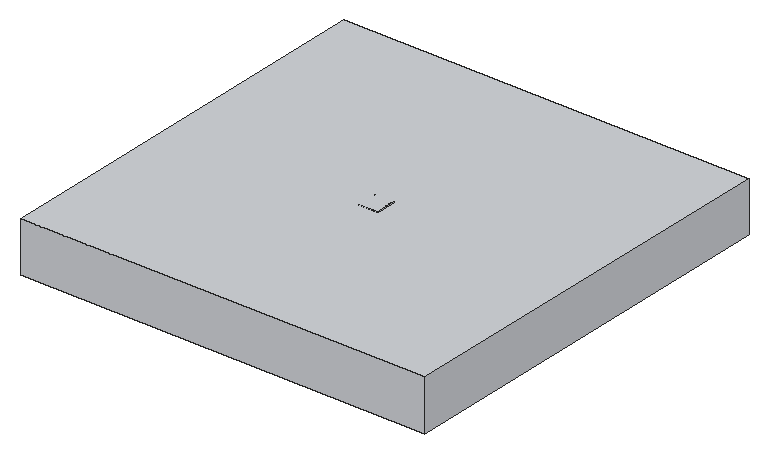
Revit family "M_Tomada quádrupla", category Iluminação elétrica, Revit 2019
Family settings
  Hospedeiro = Face
  Manter orientação da anotação = Sim
  Cota do conector redondo = Utilizar diâmetro
  Tipo de parte = Normal
  Número OmniClass = 23.80.50.11.17
  Título OmniClass = Ground Fault Receptacles
  ID de item do Seek = Quadruplex Receptacle-0000-CAN-ENU
  Corte com vazios quando carregada = Não
  Compartilhado = Não
  Ponto de cálculo do ambiente = Não
Parameters (values of type "Simples")
  Voltagem do interruptor = 120 V
  Número de pólos do interruptor = 1
  Material da tomada = none
  Classificação de carga = Receptáculo
  Legenda = ""
  Elevação-padrão = 1200 mm
  Carga aparente = 360 VA
Types (3, lengths in mm): name | Legenda
  (no name) | ""
  GFCI | "GFCI"
  Simples | ""
Reference planes
  plane 1 "Centro (Frente/Trás)": y = 0
  plane 2: z = 0
  plane 3 "Centro (Esquerda/Direita)": x = 0
  plane 4: x = -57.15
  plane 5: x = 57.15
  plane 6: y = -120.65
  plane 7: y = -9.525
  plane 8: y = -111.125
  plane 9: x = -44.45
  plane 10: x = 44.45
  plane 11: z = -4.763
  plane 12: z = -68.263
  plane 13: z = -36.513
Forms (mm)
  Extrusion 1, solid
    sketch origin (0, 0, 0) x (1, 0, 0) y (0, 1, 0)
      loop
        line (-1219.2, 1219.2) -> (-1219.2, -1219.2) -> (1219.2, -1219.2) -> (1219.2, 1219.2) -> (-1219.2, 1219.2)
    from 0 to -304.8
  Extrusion 2, solid, material <- "Material da tomada"
    sketch origin (0, 0, 0) x (1, 0, 0) y (0, 1, 0)
      loop
        line (-57.15, 0) -> (-57.15, -120.65) -> (57.15, -120.65) -> (57.15, 0) -> (-57.15, 0)
    from -4.763 to 0
  Extrusion 3, solid, material <- "Material da tomada"
    sketch origin (0, 0, 0) x (1, 0, 0) y (0, 1, 0)
      loop
        line (-44.45, -9.525) -> (-44.45, -111.125) -> (44.45, -111.125) -> (44.45, -9.525) -> (-44.45, -9.525)
    from -68.263 to -4.763
Lines and regions (mm)
  symbolic lines, detail levels fine
    curve 1: line (57.15, 0, 0) -> (-57.15, 0, 0)
    curve 2: line (57.15, 0, -4.763) -> (57.15, 0, 0)
    curve 3: line (-57.15, 0, -4.763) -> (57.15, 0, -4.763)
    curve 4: line (-57.15, 0, 0) -> (-57.15, 0, -4.763)
    curve 5: line (44.45, 0, -68.263) -> (-44.45, 0, -68.263)
    curve 6: line (44.45, 0, -4.763) -> (44.45, 0, -68.263)
    curve 7: line (-44.45, 0, -68.263) -> (-44.45, 0, -4.763)
Dimensions and locks
  locked: plane 1 "Centro (Frente/Trás)" to plane 6 at 120.65
  plane 1 "Centro (Frente/Trás)" to plane 7 = 9.525 mm
  locked: plane 8 to plane 6 at 9.525
  locked: plane 4 to plane 5 at 114.3
  equal spacing: plane 4, plane 3 "Centro (Esquerda/Direita)", plane 5
  locked: plane 4 to plane 9 at 12.7
  locked: plane 10 to plane 5 at 12.7
  locked: plane 2 to plane 11 at 4.763
  locked: plane 11 to plane 13 at 31.75
  locked: plane 11 to plane 12 at 63.5
  aligned and locked: plane 2 to Extrusion 1
  aligned and locked: level to Extrusion 1
  aligned and locked: plane 4 to Extrusion 2 sketch curve
  aligned and locked: plane 1 "Centro (Frente/Trás)" to Extrusion 2 sketch curve
  aligned and locked: plane 6 to Extrusion 2 sketch curve
  aligned and locked: Extrusion 2 sketch curve to plane 5
  aligned and locked: Extrusion 2 to plane 11
  aligned and locked: plane 2 to Extrusion 2
  aligned and locked: plane 9 to Extrusion 3 sketch curve
  aligned and locked: Extrusion 3 sketch curve to plane 7
  aligned and locked: plane 8 to Extrusion 3 sketch curve
  aligned and locked: Extrusion 3 sketch curve to plane 10
  aligned and locked: Extrusion 3 to plane 12
  aligned and locked: plane 11 to Extrusion 3
  aligned and locked: curve 4 to plane 4
  aligned and locked: plane 5 to curve 2
  aligned and locked: curve 3 to plane 11
  aligned and locked: plane 2 to curve 1
  aligned and locked: curve 7 to plane 9
  aligned and locked: plane 10 to curve 6
  aligned and locked: plane 12 to curve 5
Automatic sketch dimensions
  Extrusion 1 sketch curve to Extrusion 1 sketch curve = 2438.4 mm  (x2)
Nested families
  nested 1: "M_Anotação quádrupla" at (0, 0, 0), type "Anotação quadruplex", detail levels coarse+medium
Connectors
  electrical at (0, -111.125, -36.513), driven by "Carga aparente", driven by "Voltagem do interruptor", driven by "Número de pólos do interruptor", driven by "Classificação de carga"
    settings: on Extrusion 3, index 1, voltage 120 V, apparent load 0 VA, apparent load phase1 360 VA, apparent load phase2 0 VA, apparent load phase3 0 VA, power factor 1, load classification "Receptáculo", number of poles 1, system type 31, power factor state 1, is connector primary yes, connector utility no, sub classification motor no, connector description ""
Definition of nested family "M_Anotação quádrupla"
  Parameters
    A = ""
  Reference planes
    plane 1: y = 0
    plane 2: x = 0
  Lines and regions (mm)
    detail lines
      curve 1: line (-0.446, 0, 0) -> (-0.446, 4.366, 0)
      curve 2: circle (0, 3.05, 0) r 1.389 normal (0, 0, 1)
      curve 3: line (0.446, 0, 0) -> (0.446, 4.366, 0)
      curve 4: line (2.183, 2.604, 0) -> (-2.183, 2.604, 0)
      curve 5: line (2.183, 3.497, 0) -> (-2.183, 3.497, 0)
  Text (mm)
    label "A" at (1.216, 0.4, 0), shows "A"
  Dimensions and locks
    equal spacing: curve 1, plane 2, curve 3
    locked: plane 2 to curve 3 at 0.446
    locked: plane 1 to curve 4 at 2.604
    locked: curve 5 to curve 4 at 0.893
    aligned and locked: plane 2 to curve 2
